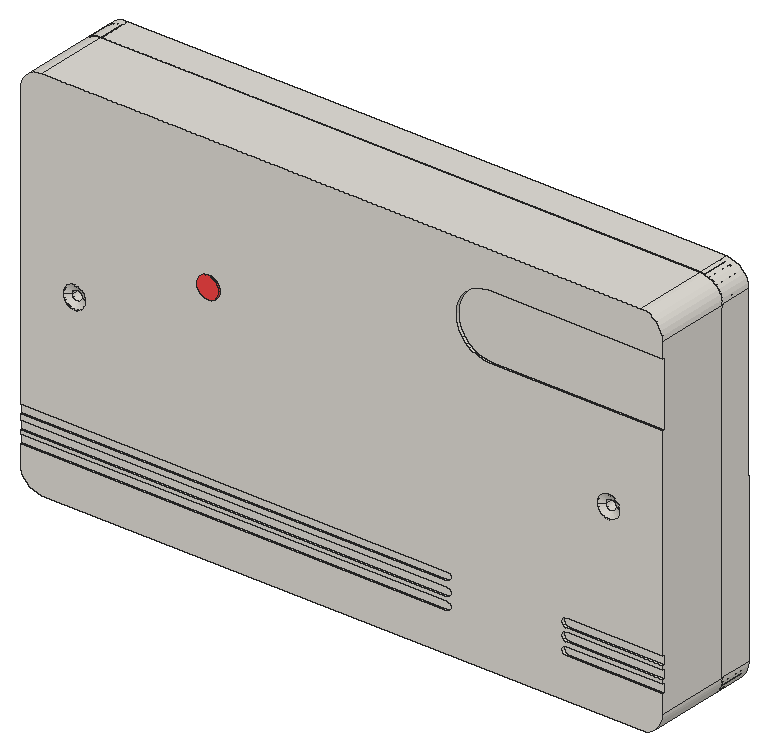
Revit family "TYCO-FPP-Zettler-RIM800 Relay interface module", category Electrical Fixtures, Revit 2014
Parameters (values of type "TYCO-FPP-Zettler-RIM800 Relay interface module")
  Wire Size = "Min 2.5mm2"
  Width = 84 mm  # constant formula
  Quiescent Current = "285μA"
  URL = "http://www.zettlerfire.com/Products/Fire/zettlerancillaries/Zettlerrim800.asp"
  Type Comments = "The RIM800 has a red LED which may be configured to indicate relay activation and c.i.e. polling."
  Ambient Temperature = "–25°C to +70°C"
  Standby current = "2.8mA"
  Rear cover = yes
  PCB = PCB
  Storage Temperature = "–40°C to +80°C"
  Operating Humidity = "10% to 95% non condensing"
  Model = "Zettler - 568.800.003"
  Manufacturer = "Tyco"
  Loop Voltage = "20V to 40Vdc"
  Length = 61 mm  # constant formula
  Keynote = "The RIM800 is supplied as an open circuit board (PCB) with mounting hardware and must be fitted in a suitable enclosure."
  Front cover = yes
  Relay Contact3 (maximum) = "2A @ 30Vdc"
  Description = "The RIM800 Addressable Relay Interface Module provides one volt-free changeover contact output unsupervised."
  Max. RIM800 per Loop4 = "200/250"
Reference planes
  plane 1 "Center (Front/Back)": y = 0
  plane 2: z = 0
  plane 3 "Center (Left/Right)": x = 0
  plane 4: z = -30.5
  plane 5: z = 30.5
  plane 6: x = -42
  plane 7: x = 42
Forms (mm)
  Extrusion 1, solid, material "PCB" <- "PCB", detail levels fine
    sketch origin (0, 0, 0) x (1, 0, 0) y (0, 0, 1)
      loop
        line (-42, 30.5) -> (-42, -30.5) -> (42, -30.5) -> (42, 30.5) -> (-42, 30.5)
      loop
        circle (21.867, 15.508) r 2.763
      loop
        circle (21.867, -15.508) r 2.763
      loop
        circle (-21.867, 15.508) r 2.763
      loop
        circle (-21.867, -15.508) r 2.763
      loop
        circle (38.27, 26.824) r 1.191
      loop
        circle (38.27, -26.824) r 1.191
      loop
        circle (-38.27, 12.969) r 1.191
      loop
        circle (-38.27, -26.824) r 1.191
    from 0 to -0.44
  Extrusion 2, solid, material "STT", detail levels fine
    sketch origin (-42, 0, -30.5) x (0, 0, 1) y (0, 1, 0)
      loop
        line (60.091, 0) -> (50.528, 0) -> (50.528, -1.923) -> (53.005, -4.401) -> (58.092, -4.401) -> (60.091, -1.546) -> (60.091, 0)
    from -16.201 to -37.325
  Extrusion 3, solid, material "ST", detail levels fine
    sketch origin (-42, 0, 20.028) x (-1, 0, 0) y (0, 1, 0)
      loop
        line (-16.694, -1.758) -> (-19.96, -1.758) -> (-19.96, -3.964) -> (-16.694, -3.964) -> (-16.694, -1.758)
      loop
        line (-22.286, -1.758) -> (-25.551, -1.758) -> (-25.551, -3.964) -> (-22.286, -3.964) -> (-22.286, -1.758)
      loop
        line (-27.744, -1.758) -> (-31.009, -1.758) -> (-31.009, -3.964) -> (-27.744, -3.964) -> (-27.744, -1.758)
      loop
        line (-33.335, -1.758) -> (-36.601, -1.758) -> (-36.601, -3.964) -> (-33.335, -3.964) -> (-33.335, -1.758)
    from -2.477 to -0.508
  Extrusion 4, solid, material "ST", detail levels fine
    sketch origin (-42, -4.401, 27.592) x (0, 0.819152, 0.573576) y (-1, 0, 0)
      loop
        circle (1.976, -18.018) r 1.302
      loop
        circle (1.976, -23.761) r 1.302
      loop
        circle (1.976, -29.154) r 1.302
      loop
        circle (1.976, -35.027) r 1.302
    from -0.394 to 0.404
  Extrusion 5, solid, material "STT", detail levels fine
    sketch origin (0, 0, 0) x (0, 1, 0) y (0, 0, 1)
      loop
        line (0, 29.591) -> (-1.546, 29.591) -> (-4.401, 27.592) -> (-4.401, 22.505) -> (-1.923, 20.028) -> (0, 20.028) -> (0, 29.591)
    from 5.187 to 31.11
  Extrusion 6, solid, material "ST", detail levels fine
    sketch origin (0, 0, 20.028) x (-1, 0, 0) y (0, 1, 0)
      loop
        line (-5.736, -4.038) -> (-5.736, -1.923) -> (-9.725, -1.923) -> (-9.725, -4.038) -> (-5.736, -4.038)
      loop
        line (-10.736, -4.038) -> (-10.736, -1.923) -> (-14.725, -1.923) -> (-14.725, -4.038) -> (-10.736, -4.038)
      loop
        line (-15.736, -4.038) -> (-15.736, -1.923) -> (-19.725, -1.923) -> (-19.725, -4.038) -> (-15.736, -4.038)
      loop
        line (-21.225, -4.038) -> (-21.225, -1.923) -> (-25.214, -1.923) -> (-25.214, -4.038) -> (-21.225, -4.038)
      loop
        line (-26.225, -4.038) -> (-26.225, -1.923) -> (-30.214, -1.923) -> (-30.214, -4.038) -> (-26.225, -4.038)
    from -0.508 to -2.477
  Extrusion 7, solid, material "ST", detail levels fine
    sketch origin (0, -4.401, 27.592) x (0, 0.819152, 0.573576) y (-1, 0, 0)
      loop
        circle (1.957, -7.363) r 1.329
      loop
        circle (1.957, -12.642) r 1.329
      loop
        circle (1.957, -17.475) r 1.329
      loop
        circle (1.957, -23.019) r 1.329
      loop
        circle (1.957, -28.019) r 1.329
    from -0.633 to 0.682
  Extrusion 8, solid, material "RS", detail levels fine
    sketch origin (0, 0, 0) x (1, 0, 0) y (0, 0, 1)
      loop
        line (19.134, 8.824) -> (19.134, 0.164) -> (37, 0.164) -> (37, 8.824) -> (19.134, 8.824)
    from 0 to 3.416
  Extrusion 9, solid, material "RED", detail levels fine
    sketch origin (0, 0, 0) x (1, 0, 0) y (0, 0, 1)
      loop
        circle (0.5, -18.503) r 1.426
    from 0 to 0.241
  Extrusion 10, solid, material "STT", detail levels fine
    sketch origin (0, 0, 0) x (1, 0, 0) y (0, 0, 1)
      loop
        circle (16.583, 6.869) r 2
    from 0 to 5.696
Cuts and joins
  joined: Extrusion 3, Extrusion 4, Extrusion 6, Extrusion 7
  joined: Extrusion 2, Extrusion 5, Extrusion 10
Lines and regions (mm)
  model lines, detail levels fine
    curve 1: line (31.575, 0, 24.143) -> (34.521, 0, 21.196)
    curve 2: line (34.521, 0, 21.196) -> (34.521, 0, 9.559)
    curve 3: line (31.993, 0, 24.573) -> (35.121, 0, 21.445)
    curve 4: line (35.121, 0, 21.445) -> (35.121, 0, 9.559)
    curve 5: line (17.183, 0, 19.719) -> (17.183, 0, 15.494)
    curve 6: line (17.183, 0, 15.494) -> (11.247, 0, 9.559)
    curve 7: line (11.247, 0, 9.559) -> (11.247, 0, -9.315)
    curve 8: line (11.247, 0, -9.315) -> (6.957, 0, -13.606)
    curve 9: line (6.957, 0, -13.606) -> (6.957, 0, -21.912)
    curve 10: line (16.583, 0, 19.719) -> (16.583, 0, 15.743)
    curve 11: line (16.583, 0, 15.743) -> (10.647, 0, 9.807)
    curve 12: line (10.647, 0, 9.807) -> (10.647, 0, -9.066)
    curve 13: line (10.647, 0, -9.066) -> (6.357, 0, -13.357)
    curve 14: line (6.357, 0, -13.357) -> (6.357, 0, -21.912)
    curve 15: line (12.78, 0, 16.417) -> (6.357, 0, 9.994)
    curve 16: line (6.357, 0, 9.994) -> (6.357, 0, -7.302)
    curve 17: line (6.357, 0, -7.302) -> (2.821, 0, -10.838)
    curve 18: line (2.821, 0, -10.838) -> (-4.842, 0, -10.838)
    curve 19: line (12.317, 0, 16.803) -> (5.757, 0, 10.243)
    curve 20: line (5.757, 0, 10.243) -> (5.757, 0, -7.054)
    curve 21: line (5.757, 0, -7.054) -> (2.573, 0, -10.238)
    curve 22: line (2.573, 0, -10.238) -> (-4.842, 0, -10.238)
    curve 23: line (8.888, 0, 2.063) -> (8.888, 0, -8.565)
    curve 24: line (8.888, 0, -8.565) -> (1.228, 0, -14.993)
    curve 25: line (1.228, 0, -14.993) -> (-11.555, 0, -14.993)
    curve 26: line (8.288, 0, 2.063) -> (8.288, 0, -8.285)
    curve 27: line (8.288, 0, -8.285) -> (1.01, 0, -14.393)
    curve 28: line (1.01, 0, -14.393) -> (-11.555, 0, -14.393)
    curve 29: line (-36.218, 0, 9.559) -> (-30.763, 0, 4.103)
    curve 30: line (-30.763, 0, 4.103) -> (-13.236, 0, 4.103)
    curve 31: line (-13.236, 0, 4.103) -> (-13.236, 0, -5.897)
    curve 32: line (-35.794, 0, 9.983) -> (-30.514, 0, 4.703)
    curve 33: line (-30.514, 0, 4.703) -> (-12.636, 0, 4.703)
    curve 34: line (-12.636, 0, 4.703) -> (-12.636, 0, -5.897)
    curve 35: line (-37.736, 0, 4.103) -> (-32.149, 0, -1.484)
    curve 36: line (-32.149, 0, -1.484) -> (-32.149, 0, -16.484)
    curve 37: line (-37.312, 0, 4.528) -> (-31.549, 0, -1.235)
    curve 38: line (-31.549, 0, -1.235) -> (-31.549, 0, -16.484)
    curve 39: line (-35.246, 0, -5.897) -> (-35.246, 0, -20.897)
    curve 40: line (-35.246, 0, -20.897) -> (-31.549, 0, -24.594)
    curve 41: line (-31.549, 0, -24.594) -> (-23.254, 0, -24.594)
    curve 42: line (-34.646, 0, -5.897) -> (-34.646, 0, -20.648)
    curve 43: line (-34.646, 0, -20.648) -> (-31.3, 0, -23.994)
    curve 44: line (-31.3, 0, -23.994) -> (-23.201, 0, -23.994)
    curve 45: circle (-36.244, 0, 10.159) r 0.781 normal (0, -1, 0)
    curve 46: circle (-37.885, 0, 4.832) r 0.877 normal (0, -1, 0)
    curve 47: circle (-12.898, 0, -6.876) r 0.885 normal (0, -1, 0)
    curve 48: circle (-34.962, 0, -5.542) r 0.787 normal (0, -1, 0)
    curve 49: circle (-22.416, 0, -24.246) r 0.824 normal (0, -1, 0)
    curve 50: circle (-31.86, 0, -17.092) r 0.824 normal (0, -1, 0)
    curve 51: circle (-12.549, 0, -14.64) r 0.862 normal (0, -1, 0)
    curve 52: circle (-5.489, 0, -10.531) r 0.915 normal (0, -1, 0)
    curve 53: line (6.061, 0, -23.589) -> (7.327, 0, -23.589)
    curve 54: line (6.061, 0, -21.912) -> (6.061, 0, -23.589)
    curve 55: line (7.327, 0, -21.912) -> (6.061, 0, -21.912)
    curve 56: line (7.327, 0, -23.589) -> (7.327, 0, -21.912)
    curve 57: line (8.288, 0, 3.426) -> (9.451, 0, 3.426)
    curve 58: line (8.288, 0, 2.063) -> (8.288, 0, 3.426)
    curve 59: line (9.451, 0, 2.063) -> (8.288, 0, 2.063)
    curve 60: line (9.451, 0, 3.426) -> (9.451, 0, 2.063)
    curve 61: line (16.583, 0, 20.763) -> (17.438, 0, 20.763)
    curve 62: line (16.583, 0, 19.719) -> (16.583, 0, 20.763)
    curve 63: line (17.438, 0, 19.719) -> (16.583, 0, 19.719)
    curve 64: line (17.438, 0, 20.763) -> (17.438, 0, 19.719)
    curve 65: line (12.317, 0, 16.417) -> (13.641, 0, 16.417)
    curve 66: line (12.317, 0, 17.546) -> (12.317, 0, 16.417)
    curve 67: line (13.641, 0, 17.546) -> (12.317, 0, 17.546)
    curve 68: line (13.641, 0, 16.417) -> (13.641, 0, 17.546)
    curve 69: line (31.993, 0, 24.143) -> (31.118, 0, 24.143)
    curve 70: line (31.993, 0, 26.421) -> (31.993, 0, 24.143)
    curve 71: line (31.118, 0, 26.421) -> (31.993, 0, 26.421)
    curve 72: line (31.118, 0, 24.143) -> (31.118, 0, 26.421)
    curve 73: line (34.178, 0, 9.042) -> (35.728, 0, 9.042)
    curve 74: line (34.178, 0, 9.933) -> (34.178, 0, 9.042)
    curve 75: line (35.728, 0, 9.933) -> (34.178, 0, 9.933)
    curve 76: line (35.728, 0, 9.042) -> (35.728, 0, 9.933)
  model lines, detail levels coarse+medium
    curve 77: line (-42, 0, 30.5) -> (42, 0, 30.5)
    curve 78: line (-42, 0, -30.5) -> (-42, 0, 30.5)
    curve 79: line (42, 0, -30.5) -> (-42, 0, -30.5)
    curve 80: line (42, 0, 30.5) -> (42, 0, -30.5)
Dimensions and locks
  equal spacing: plane 5, plane 2, plane 4
  "Length": plane 5 to plane 4
  equal spacing: plane 7, plane 3 "Center (Left/Right)", plane 6
  "Width": plane 7 to plane 6
  aligned and locked: level to plane 2
  aligned and locked: plane 5 to Extrusion 1 sketch curve
  aligned and locked: plane 6 to Extrusion 1 sketch curve
  aligned and locked: plane 4 to Extrusion 1 sketch curve
  aligned and locked: Extrusion 1 sketch curve to plane 7
  aligned and locked: Extrusion 8 to plane 1 "Center (Front/Back)"
  aligned and locked: plane 5 to curve 77
  aligned and locked: curve 80 to plane 7
  aligned and locked: plane 4 to curve 79
  aligned and locked: plane 6 to curve 78
  aligned and locked: Extrusion 10 to plane 1 "Center (Front/Back)"
  aligned and locked: plane 3 "Center (Left/Right)" to nested 1
  aligned and locked: nested 1 to Extrusion 1
  aligned and locked: nested 2 to Extrusion 1
  aligned and locked: plane 2 to nested 2
  aligned and locked: plane 3 "Center (Left/Right)" to nested 2
Automatic sketch dimensions
  plane 6 to Extrusion 1 sketch curve = 3.73 mm  (x2)
  plane 6 to Extrusion 1 sketch curve = 20.133 mm  (x2)
  Extrusion 1 sketch curve to plane 7 = 20.133 mm  (x2)
  Extrusion 1 sketch curve to plane 7 = 3.73 mm  (x2)
  plane 4 to Extrusion 1 sketch curve = 3.676 mm  (x2)
  Extrusion 1 sketch curve to level = 15.508 mm  (x2)
  level to Extrusion 1 sketch curve = 15.508 mm  (x2)
  plane 5 to Extrusion 1 sketch curve = 3.676 mm
  plane 5 to Extrusion 1 sketch curve = 17.531 mm
  Extrusion 2 sketch curve to Extrusion 1 = 0 mm
  Extrusion 1 to Extrusion 2 sketch curve = 10.472 mm
  Extrusion 2 sketch curve to Extrusion 2 sketch curve = 2.477 mm  (x2)
  Extrusion 1 to Extrusion 2 sketch curve = 2.908 mm
  Extrusion 1 to Extrusion 2 sketch curve = 0.909 mm
  Extrusion 2 sketch curve to Extrusion 1 = 1.546 mm
  Extrusion 2 sketch curve to Extrusion 1 = 1.923 mm
  Extrusion 2 to Extrusion 3 sketch curve = 0.165 mm  (x4)
  Extrusion 3 sketch curve to Extrusion 2 = 0.724 mm
  Extrusion 3 sketch curve to Extrusion 3 sketch curve = 3.266 mm  (x3)
  Extrusion 3 sketch curve to Extrusion 3 sketch curve = 2.326 mm  (x2)
  Extrusion 3 sketch curve to Extrusion 3 sketch curve = 2.192 mm
  Extrusion 3 sketch curve to Extrusion 2 = 0.493 mm
  Extrusion 3 sketch curve to Extrusion 2 = 2.04 mm  (x4)
  Extrusion 4 sketch curve to Extrusion 2 = 1.51 mm  (x4)
  Extrusion 2 to Extrusion 4 sketch curve = 2.298 mm
  Extrusion 4 sketch curve to Extrusion 4 sketch curve = 5.873 mm
  Extrusion 4 sketch curve to Extrusion 4 sketch curve = 5.393 mm
  Extrusion 2 to Extrusion 4 sketch curve = 1.817 mm
  Extrusion 5 sketch curve to plane 1 "Center (Front/Back)" = 0 mm
  plane 1 "Center (Front/Back)" to Extrusion 5 sketch curve = 1.546 mm
  plane 1 "Center (Front/Back)" to Extrusion 5 sketch curve = 1.923 mm
  Extrusion 5 sketch curve to Extrusion 5 sketch curve = 2.477 mm  (x2)
  plane 5 to Extrusion 5 sketch curve = 10.472 mm
  plane 5 to Extrusion 5 sketch curve = 2.908 mm
  plane 5 to Extrusion 5 sketch curve = 0.909 mm
  Extrusion 5 to Extrusion 6 sketch curve = 0 mm  (x5)
  Extrusion 6 sketch curve to Extrusion 5 = 0.896 mm
  Extrusion 6 sketch curve to Extrusion 6 sketch curve = 3.989 mm  (x4)
  Extrusion 6 sketch curve to Extrusion 6 sketch curve = 1.011 mm  (x3)
  Extrusion 6 sketch curve to Extrusion 6 sketch curve = 1.499 mm
  Extrusion 6 sketch curve to Extrusion 5 = 0.549 mm
  Extrusion 6 sketch curve to Extrusion 6 sketch curve = 2.115 mm
  Extrusion 6 sketch curve to Extrusion 6 sketch curve = 0 mm  (x4)
  Extrusion 5 to Extrusion 7 sketch curve = 1.528 mm  (x5)
  Extrusion 5 to Extrusion 7 sketch curve = 3.091 mm
  Extrusion 7 sketch curve to Extrusion 7 sketch curve = 5 mm
  Extrusion 7 sketch curve to Extrusion 7 sketch curve = 5.544 mm
  Extrusion 7 sketch curve to Extrusion 7 sketch curve = 4.834 mm
  Extrusion 5 to Extrusion 7 sketch curve = 2.177 mm
  Extrusion 9 sketch curve to Extrusion 1 = 11.997 mm
  Extrusion 9 sketch curve to Extrusion 1 = 42.5 mm
  plane 6 to curve 46 = 4.115 mm
  curve 46 to curve 45 = 1.64 mm
  plane 6 to curve 39 = 6.754 mm
  curve 39 to curve 48 = 0.284 mm
  curve 39 to curve 42 = 0.6 mm
  curve 35 to level = 1.484 mm
  curve 48 to curve 35 = 2.814 mm
  curve 36 to curve 50 = 0.288 mm
  curve 42 to curve 40 = 3.097 mm
  curve 35 to curve 38 = 0.6 mm
  curve 40 to curve 43 = 0.249 mm
  curve 37 to curve 30 = 0.786 mm
  curve 29 to curve 33 = 0.249 mm
  curve 43 to curve 49 = 8.884 mm
  level to curve 30 = 4.103 mm
  curve 30 to plane 3 "Center (Left/Right)" = 13.236 mm
  curve 31 to curve 47 = 0.337 mm
  curve 30 to curve 34 = 0.6 mm
  curve 47 to curve 51 = 0.349 mm
  curve 52 to plane 3 "Center (Left/Right)" = 5.489 mm
  plane 3 "Center (Left/Right)" to curve 27 = 1.01 mm
  curve 27 to curve 24 = 0.218 mm
  plane 3 "Center (Left/Right)" to curve 21 = 2.573 mm
  curve 21 to curve 18 = 0.249 mm
  plane 3 "Center (Left/Right)" to curve 19 = 5.757 mm
  plane 3 "Center (Left/Right)" to curve 55 = 6.061 mm
  curve 17 to curve 14 = 3.536 mm
  curve 20 to curve 16 = 0.6 mm
  curve 13 to curve 9 = 0.6 mm
  curve 9 to curve 55 = 0.37 mm
  curve 15 to curve 58 = 1.932 mm
  curve 26 to curve 23 = 0.6 mm
  curve 57 to curve 57 = 1.162 mm
  curve 23 to curve 12 = 1.759 mm
  curve 11 to curve 7 = 0.6 mm
  curve 11 to curve 67 = 1.669 mm
  curve 65 to curve 68 = 1.324 mm
  curve 65 to curve 10 = 2.942 mm
  curve 10 to curve 6 = 0.6 mm
  curve 5 to curve 64 = 0.255 mm
  curve 72 to plane 7 = 10.882 mm
  curve 71 to curve 70 = 0.875 mm
  curve 75 to plane 7 = 7.822 mm
  curve 69 to curve 2 = 2.528 mm
  curve 1 to curve 3 = 0.6 mm
  curve 4 to curve 76 = 0.606 mm
  curve 48 to curve 35 = 4.058 mm
  curve 47 to level = 6.876 mm
  curve 21 to level = 7.054 mm
  curve 16 to curve 20 = 0.249 mm
  curve 26 to curve 16 = 0.983 mm
  curve 24 to curve 26 = 0.28 mm
  curve 13 to curve 23 = 0.501 mm
  curve 8 to curve 12 = 0.249 mm
  curve 21 to curve 20 = 3.184 mm
  curve 52 to curve 22 = 0.293 mm
  curve 18 to curve 21 = 0.6 mm
  curve 14 to curve 17 = 2.519 mm
  curve 9 to curve 13 = 0.249 mm
  curve 27 to curve 17 = 3.555 mm
  curve 51 to curve 28 = 0.247 mm
  curve 24 to curve 27 = 0.6 mm
  curve 50 to curve 48 = 11.551 mm
  curve 43 to curve 50 = 3.556 mm
  curve 39 to curve 42 = 0.249 mm
  curve 55 to curve 8 = 8.306 mm
  curve 53 to curve 55 = 1.677 mm
  curve 44 to curve 42 = 3.346 mm
  curve 49 to curve 44 = 0.252 mm
  curve 40 to curve 43 = 0.6 mm
  curve 35 to curve 38 = 0.249 mm
  level to curve 59 = 2.063 mm
  curve 26 to curve 58 = 1.363 mm
  curve 30 to curve 33 = 0.6 mm
  level to curve 46 = 4.832 mm
  level to curve 76 = 9.042 mm
  curve 57 to curve 7 = 6.133 mm
  curve 6 to curve 12 = 0.249 mm
  curve 73 to curve 74 = 0.891 mm
  curve 11 to curve 16 = 0.187 mm
  curve 46 to curve 45 = 5.327 mm
  curve 15 to curve 19 = 0.249 mm
  curve 6 to curve 6 = 5.936 mm
  curve 5 to curve 10 = 0.249 mm
  curve 10 to curve 68 = 0.675 mm
  curve 65 to curve 67 = 1.129 mm
  curve 10 to curve 63 = 3.976 mm
  curve 10 to curve 61 = 1.044 mm
  curve 74 to curve 1 = 11.263 mm
  curve 1 to curve 3 = 0.249 mm
  curve 1 to curve 72 = 2.947 mm
  curve 69 to curve 70 = 2.278 mm
  curve 46 to curve 35 = 0.149 mm
  curve 35 to curve 37 = 0.424 mm  (x2)
  curve 45 to curve 29 = 0.026 mm
  curve 45 to curve 32 = 0.45 mm
  curve 41 to curve 49 = 0.838 mm
  curve 41 to curve 44 = 0.053 mm
  curve 51 to curve 28 = 0.994 mm
  curve 28 to curve 25 = 0 mm
  curve 52 to curve 18 = 0.647 mm
  curve 22 to curve 18 = 0 mm
  curve 65 to curve 15 = 0.463 mm
  curve 1 to curve 69 = 0.418 mm
  curve 47 to curve 34 = 0.979 mm
  curve 31 to curve 34 = 0 mm
  curve 39 to curve 48 = 0.355 mm
  curve 42 to curve 48 = 0.355 mm
  curve 50 to curve 36 = 0.608 mm
  curve 38 to curve 36 = 0 mm
  curve 35 to curve 46 = 0.729 mm
  curve 2 to curve 74 = 0.374 mm
  curve 29 to curve 45 = 0.601 mm
  curve 4 to curve 2 = 0 mm
  curve 32 to curve 45 = 0.176 mm
  curve 65 to curve 19 = 0.385 mm
  curve 69 to curve 3 = 0.43 mm
  level to Extrusion 10 sketch curve = 6.869 mm
  plane 3 "Center (Left/Right)" to Extrusion 10 sketch curve = 16.583 mm
  Extrusion 8 sketch curve to Extrusion 1 = 22.866 mm
  Extrusion 8 sketch curve to Extrusion 1 = 5 mm
  Extrusion 8 sketch curve to Extrusion 1 = 30.664 mm
  Extrusion 8 sketch curve to Extrusion 8 sketch curve = 8.66 mm
  radius of Extrusion 1 sketch curve = 2.763 mm  (x4)
  radius of Extrusion 1 sketch curve = 1.191 mm  (x4)
  radius of Extrusion 4 sketch curve = 1.302 mm  (x4)
  radius of Extrusion 7 sketch curve = 1.329 mm  (x5)
  radius of Extrusion 9 sketch curve = 1.426 mm
  radius of curve 45 = 0.781 mm
  radius of curve 46 = 0.877 mm
  radius of curve 47 = 0.885 mm
  radius of curve 48 = 0.787 mm
  radius of curve 50 = 0.824 mm
  radius of curve 51 = 0.862 mm
  radius of curve 52 = 0.915 mm
  radius of Extrusion 10 sketch curve = 2 mm
Nested families
  nested 1: "517.035.007" at (0, 0, 0), visible <- "Front cover", type "517.035.007 cover", detail levels fine
    with Front Cover yes
  nested 2: "517.035.010 rear cover" at (0, -5.925, -7.5), visible <- "Rear cover", type "517.035.010 back box", detail levels fine
    with Rear cover yes
Connectors
  electrical at (0, 0.44, 0)
    settings: on Extrusion 1, index 1, voltage 24 V, apparent load 0 VA, apparent load phase1 0 VA, apparent load phase2 0 VA, apparent load phase3 0 VA, power factor 1, load classification "Other", number of poles 1, system type 31, power factor state 1, is connector primary yes, connector utility no, sub classification motor no, connector description ""
Definition of nested family "517.035.007"
  Parameters (values of type "517.035.007 cover")
    X = 2 mm
    W = 148 mm
    Type Comments = "M520 Ancillary cover for use with 800 series modules.\r\nWill fit onto a MK style double gang back box."
    Model = "517.035.007"
    Material = Cover
    Manufacturer = "Tyco"
    L = 87 mm
    Front Cover [instance] = yes
    Description = "M520 Ancillary Cover"
    D = 23 mm
  Reference planes
    plane 1 "Center (Front/Back)": y = 0
    plane 2: z = 0
    plane 3 "Center (Left/Right)": x = 0
    plane 4: x = -74
    plane 5: x = 74
    plane 6: x = 61.5
    plane 7: z = 43.5
    plane 8: z = -43.5
    plane 9: y = -23
  Forms (mm)
    Extrusion 1, solid, material "Cover" <- "Material", visible <- "Front Cover", detail levels fine
      sketch origin (0, -23.027, 0) x (1, 0, 0) y (0, 0, 1)
        loop
          arc (-69, 43.5) -> (-72.536, 42.036) -> (-74, 38.5) r 5
          line (-74, 38.5) -> (-74, -38.5)
          arc (-74, -38.5) -> (-72.536, -42.036) -> (-69, -43.5) r 5
          line (-69, -43.5) -> (69, -43.5)
          arc (69, -43.5) -> (72.536, -42.036) -> (74, -38.5) r 5
          line (74, -38.5) -> (74, 38.5)
          arc (74, 38.5) -> (72.536, 42.036) -> (69, 43.5) r 5
          line (69, 43.5) -> (-69, 43.5)
      from -23 to 0
    Extrusion 2, void
      sketch origin (0, -23.027, 0) x (-1, 0, 0) y (0, 0, 1)
        loop
          line (74, -26.396) -> (-24.324, -26.396)
          arc (-24.324, -26.396) -> (-25.324, -27.396) -> (-24.324, -28.396) r 1
          line (-24.324, -28.396) -> (74, -28.396) -> (74, -26.396)
        loop
          line (74, -29.671) -> (-24.324, -29.671)
          arc (-24.324, -29.671) -> (-25.324, -30.671) -> (-24.324, -31.671) r 1
          line (-24.324, -31.671) -> (74, -31.671) -> (74, -29.671)
        loop
          line (74, -32.583) -> (-24.324, -32.583)
          arc (-24.324, -32.583) -> (-25.324, -33.583) -> (-24.324, -34.583) r 1
          line (-24.324, -34.583) -> (74, -34.583) -> (74, -32.583)
        loop
          line (-51.834, -26.396) -> (-74, -26.396) -> (-74, -28.396) -> (-51.834, -28.396)
          arc (-51.834, -28.396) -> (-50.834, -27.396) -> (-51.834, -26.396) r 1
        loop
          line (-51.834, -29.305) -> (-74, -29.305) -> (-74, -31.305) -> (-51.834, -31.305)
          arc (-51.834, -31.305) -> (-50.834, -30.305) -> (-51.834, -29.305) r 1
        loop
          line (-51.834, -32.254) -> (-74, -32.254) -> (-74, -34.254) -> (-51.834, -34.254)
          arc (-51.834, -34.254) -> (-50.834, -33.254) -> (-51.834, -32.254) r 1
        loop
          line (-74, 34.995) -> (-74, 19.995) -> (-34, 19.995)
          arc (-34, 19.995) -> (-26.5, 27.495) -> (-34, 34.995) r 7.5
          line (-34, 34.995) -> (-74, 34.995)
      from 0 to 0.563
    Revolve 3, void
      sketch origin (0, -23.027, 0) x (0, -1, 0) y (1, 0, 0)
        loop
          line (-3.575, 61.5) -> (0, 61.5) -> (0, 64.045) -> (-0.836, 62.678) -> (-3.575, 62.678) -> (-3.575, 61.5)
        axis (-3.575, 61.5) -> (0, 61.5)
      angle from 0 to 360
    Extrusion 4, solid, material "LED RED", detail levels fine
      sketch origin (0, -23.027, 0) x (1, 0, 0) y (0, 0, 1)
        loop
          circle (-30.624, 12.978) r 2.558
      from -1.293 to 0.174
    Extrusion 5, void
      sketch origin (-94.576, -0.027, -4572) x (1, 0, 0) y (0, 0, -1)
        loop
          line (26.703, -4612.567) -> (162.316, -4612.567)
          arc (162.316, -4612.567) -> (164.664, -4611.594) -> (165.637, -4609.246) r 3.321
          line (165.637, -4609.246) -> (165.637, -4534.612)
          arc (165.637, -4534.612) -> (164.589, -4532.082) -> (162.058, -4531.033) r 3.578
          line (162.058, -4531.033) -> (27.05, -4531.033)
          arc (27.05, -4531.033) -> (24.499, -4532.09) -> (23.442, -4534.641) r 3.608
          line (23.442, -4534.641) -> (23.442, -4609.306)
          arc (23.442, -4609.306) -> (24.397, -4611.612) -> (26.703, -4612.567) r 3.261
      from 0 to -19.425
    Revolve 6, void
      sketch origin (0, -23.027, 0) x (0, 1, 0) y (-1, 0, 0)
        loop
          line (3.575, 61.5) -> (3.575, 62.678) -> (0.836, 62.678) -> (0, 64.045) -> (0, 61.5) -> (3.575, 61.5)
        axis (3.575, 61.5) -> (0, 61.5)
      angle from 0 to 360
  Cuts and joins
    Extrusion 2, Revolve 3, Extrusion 5, Revolve 6 cuts Extrusion 1
  Dimensions and locks
    equal spacing: plane 4, plane 3 "Center (Left/Right)", plane 5
    "W": plane 4 to plane 5
    locked: plane 5 to plane 6 at 12.5
    equal spacing: plane 7, level, plane 8
    "L": plane 7 to plane 8
    "D": plane 9 to plane 1 "Center (Front/Back)"
    aligned and locked: plane 2 to level
    aligned and locked: Extrusion 1 to Extrusion 5
    aligned and locked: Extrusion 1 sketch curve to plane 7
    aligned and locked: plane 4 to Extrusion 1 sketch curve
    aligned and locked: Extrusion 1 sketch curve to plane 8
    aligned and locked: Extrusion 1 to Extrusion 2
  Automatic sketch dimensions
    plane 5 to Extrusion 1 sketch curve = 0 mm
    plane 4 to Extrusion 1 sketch curve = 5 mm  (x2)
    plane 5 to Extrusion 1 sketch curve = 5 mm
    Extrusion 1 sketch curve to Extrusion 1 sketch curve = 5 mm
    plane 5 to Extrusion 2 sketch curve = 0 mm  (x4)
    Extrusion 2 sketch curve to plane 4 = 0 mm  (x3)
    Extrusion 2 sketch curve to plane 6 = 9.666 mm
    Extrusion 2 sketch curve to Extrusion 2 sketch curve = 0 mm  (x4)
    Extrusion 2 sketch curve to plane 6 = 27.5 mm
    Extrusion 2 sketch curve to plane 8 = 9.917 mm
    plane 3 "Center (Left/Right)" to Extrusion 2 sketch curve = 24.324 mm
    Extrusion 2 sketch curve to plane 8 = 9.246 mm
    Extrusion 2 sketch curve to plane 8 = 8.917 mm
    Extrusion 2 sketch curve to Extrusion 2 sketch curve = 1 mm  (x5)
    Extrusion 2 sketch curve to Extrusion 2 sketch curve = 0.912 mm
    Extrusion 2 sketch curve to Extrusion 2 sketch curve = 0.95 mm
    Extrusion 2 sketch curve to Extrusion 2 sketch curve = 0.908 mm
    Extrusion 2 sketch curve to Extrusion 2 sketch curve = 1.275 mm
    level to Extrusion 2 sketch curve = 19.995 mm
    Extrusion 2 sketch curve to Extrusion 2 sketch curve = 7.5 mm
    Revolve 3 sketch curve to plane 6 = 0 mm  (x2)
    plane 1 "Center (Front/Back)" to Revolve 3 sketch curve = 19.452 mm
    plane 6 to Revolve 3 sketch curve = 1.178 mm
    Revolve 3 sketch curve to Revolve 3 sketch curve = 2.739 mm
    plane 6 to Revolve 3 sketch curve = 2.545 mm
    Revolve 3 sketch curve to Revolve 3 sketch curve = 0.836 mm
    Revolve 3 sketch curve to Revolve 3 sketch curve = 0.558 mm
    Revolve 3 sketch curve to Revolve 3 sketch curve = 1.62 mm
    Extrusion 4 sketch curve to Extrusion 1 = 43.376 mm
    Extrusion 4 sketch curve to Extrusion 1 = 30.522 mm
    plane 4 to Extrusion 5 sketch curve = 2.867 mm
    Extrusion 5 sketch curve to plane 7 = 2.933 mm
    Extrusion 5 sketch curve to Extrusion 5 sketch curve = 3.261 mm
    Extrusion 5 sketch curve to plane 8 = 2.533 mm
    Extrusion 5 sketch curve to Extrusion 5 sketch curve = 3.608 mm
    plane 6 to Extrusion 5 sketch curve = 5.983 mm
    plane 6 to Extrusion 5 sketch curve = 6.24 mm
    plane 5 to Extrusion 5 sketch curve = 2.939 mm
    plane 1 "Center (Front/Back)" to Revolve 6 sketch curve = 23.027 mm
    Revolve 6 sketch curve to Revolve 6 sketch curve = 0.836 mm
    Revolve 6 sketch curve to Revolve 6 sketch curve = 2.739 mm
    plane 4 to Revolve 6 sketch curve = 12.5 mm
    Revolve 6 sketch curve to Revolve 6 sketch curve = 1.178 mm
    Revolve 6 sketch curve to Revolve 6 sketch curve = 1.367 mm
    Revolve 6 sketch curve to Revolve 6 sketch curve = 1.62 mm
    Revolve 6 sketch curve to Revolve 6 sketch curve = 0.558 mm
    Revolve 6 sketch curve to Revolve 6 sketch curve = 0 mm
    radius of Extrusion 4 sketch curve = 2.558 mm
Definition of nested family "517.035.010 rear cover"
  Parameters (values of type "517.035.010 back box")
    W = 148 mm
    URL = "http://tfppemea.com/en/_layouts/fsassets/Docs/Detection_FireClass/UK%20FireClass%20CATALOGUE%20(LR).pdf"
    Type Comments = "K2142 White plastic surface mount MK backbox for use\r\nwith 800 Series addressable ancillaries using 517.035.007\r\ncover."
    Rear cover [instance] = yes
    Model = "517.035.010\r\n517.035.010"
    Manufacturer = "Tyco"
    L = 87 mm
    Finish = rear cover
    Description = "K2142 White Plastic Surface Mount MK\r\nbackbox"
  Reference planes
    plane 1 "Center (Front/Back)": y = 0
    plane 2: z = 0
    plane 3 "Center (Left/Right)": x = 0
    plane 4: x = -74
    plane 5: x = 74
    plane 6: z = 7.5
  Forms (mm)
    Extrusion 1, solid, material "rear cover" <- "Finish", visible <- "Rear cover", detail levels fine
      sketch origin (0, 7.5, 7.5) x (1, 0, 0) y (0, 0, 1)
        loop
          arc (-69, 43.5) -> (-72.536, 42.036) -> (-74, 38.5) r 5
          line (-74, 38.5) -> (-74, -38.5)
          arc (-74, -38.5) -> (-72.536, -42.036) -> (-69, -43.5) r 5
          line (-69, -43.5) -> (69, -43.5)
          arc (69, -43.5) -> (72.536, -42.036) -> (74, -38.5) r 5
          line (74, -38.5) -> (74, 38.5)
          arc (74, 38.5) -> (72.536, 42.036) -> (69, 43.5) r 5
          line (69, 43.5) -> (-69, 43.5)
      from 0 to 7.5
    Extrusion 2, void
      sketch origin (0, 0, 0) x (-1, 0, 0) y (0, 0, 1)
        loop
          line (71.151, 48.985) -> (-71.802, 48.985) -> (-71.802, -33.613) -> (71.151, -33.613) -> (71.151, 48.985)
        loop
          circle (-61, 7.5) r 1.229
        loop
          circle (-61, 7.5) r 2.2
        loop
          circle (61, 7.5) r 1.229
        loop
          circle (61, 7.5) r 2.2
      from 0 to 6.364
  Cuts and joins
    Extrusion 2 cuts Extrusion 1
  Dimensions and locks
    equal spacing: plane 4, plane 3 "Center (Left/Right)", plane 5
    "W": plane 4 to plane 5
    plane 6 to plane 2 = 7.5 mm
    aligned and locked: plane 2 to level
    aligned and locked: Extrusion 1 sketch curve to plane 4
    aligned and locked: Extrusion 1 sketch curve to plane 5
  Automatic sketch dimensions
    Extrusion 1 sketch curve to plane 4 = 5 mm
    Extrusion 1 sketch curve to Extrusion 1 sketch curve = 5 mm
    Extrusion 1 sketch curve to plane 5 = 5 mm  (x2)
    Extrusion 1 sketch curve to level = 36 mm
    plane 6 to Extrusion 1 sketch curve = 38.5 mm
    Extrusion 2 sketch curve to Extrusion 2 sketch curve = 0 mm  (x4)
    Extrusion 2 sketch curve to plane 6 = 0 mm  (x2)
    Extrusion 2 sketch curve to plane 5 = 2.198 mm
    Extrusion 2 sketch curve to plane 5 = 13 mm
    Extrusion 2 sketch curve to plane 4 = 13 mm
    Extrusion 2 sketch curve to plane 4 = 2.849 mm
    Extrusion 2 sketch curve to level = 33.613 mm
    plane 6 to Extrusion 2 sketch curve = 41.485 mm
    radius of Extrusion 2 sketch curve = 1.229 mm  (x2)
    radius of Extrusion 2 sketch curve = 2.2 mm  (x2)
